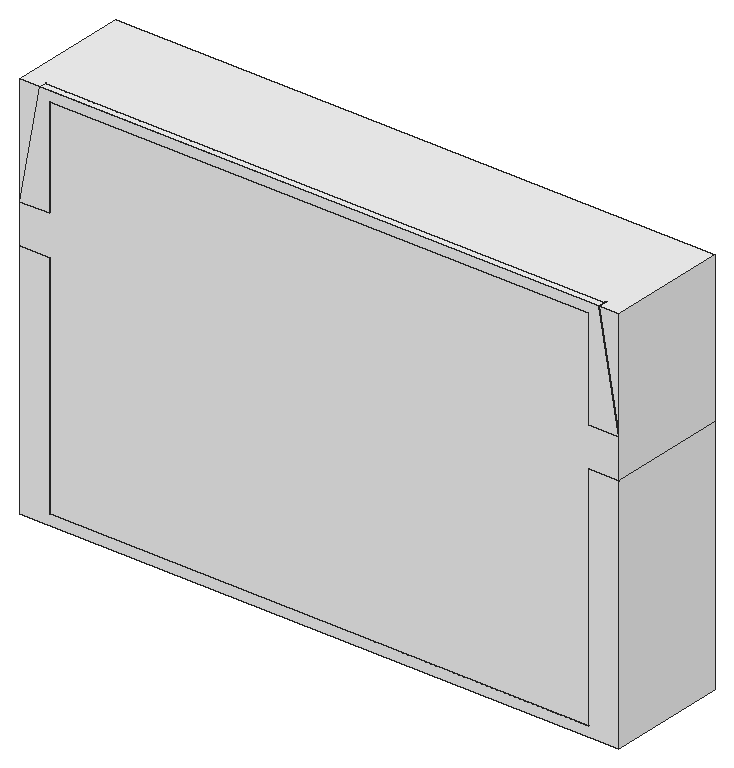
Revit family "Range_Hood-Kenmore-Convertible_Range_Hood-30in_160_ cu_ft", category Specialty Equipment, host Face, Revit 2019
Family settings
  Host = Face
  Round Connector Dimension = Use Diameter
  Part Type = Normal
  OmniClass Number = 23.40.20.34.11.21
  OmniClass Title = Fireplace and Stove Hoods
  Cut with Voids When Loaded = No
  Shared = No
  Room Calculation Point = No
Parameters (values of type "30" Convertible Range Hood")
  Width = 2' - 6"  # constant formula
  Warranty URL = "https://www.kenmore.com/warranty-information"
  Voltage Note = "120 V"  # constant formula
  Voltage = 120 V  # constant formula
  Version = "2015 – v1.0a"  # constant formula
  URL = "https://www.kenmore.com"
  Type Comments = "Item # 02251041000"  # constant formula
  Show Recommended Clearance [instance] = yes
  Product data url = "https://bimobject.com/kenmoreappliances/product/sears-51041"
  Product Page URL = "https://www.searscommercial.com/#/public/product/02251041000"
  Product Documentation Link = "http://c.shld.net/assets/docs/spin_prod_762602912.pdf"
  Power Factor = 1  # constant formula
  Number of Poles = 1
  Mounting Note = "For best results mount 24 to 30 inchees over cooking surface"  # constant formula
  Model = "Model # 51041"  # constant formula
  Material = ""
  Manufacturer Phone Number = "1-888-536-6673"  # constant formula
  Manufacturer = "Kenmore"  # constant formula
  Height = 0' - 6"  # constant formula
  Finish = Plastic-Kenmore-White-Glossy
  Electrical Connector = "Cord Kit - Standard 120 VAC Plug"  # constant formula
  Description = "Kenmore 51041 30in Convertible Range Hood"  # constant formula
  Depth = 1' - 7 1/2"  # constant formula
  Default Elevation = 4' - 0"
  Copyright = "© 2016 Sears Brands, LLC. All Rights Reserved. Kenmore® is a registered trademark of KCD IP, LLC"  # constant formula
  Clearances = Clearances-Kenmore
  Assembly Code = "E1090320"
  Apparent Load = 0 VA
  Additional Mat Finishes = Plastic-Kenmore-White-Glossy
Reference planes (in)
  plane 1 "Center (Front/Back)": y = 0
  plane 2: z = 0
  plane 3 "Center (Left/Right)": x = 0
  plane 4: x = -15
  plane 5: x = 15
  plane 6: y = -3
  plane 7: y = 3
  plane 8: z = 19.5
  plane 9: z = 12
  plane 10: y = 2
  plane 11: x = 7.5
  plane 12: z = 2
  plane 13: y = 1.5
  plane 14: y = -1.5
  plane 15: x = -13.5
  plane 16: x = 13.5
  plane 17: x = -7.5
Forms (in)
  Extrusion 1, solid, material "Plastic-Kenmore-White-Glossy" <- "Finish"
    sketch origin (0, 0, 0) x (1, 0, 0) y (0, 0, 1)
      loop
        line (-15, 12) -> (-15, 0) -> (15, 0) -> (15, 12) -> (-15, 12)
    from -3 to 3
  Extrusion 2, solid, material "Plastic-Kenmore-White-Glossy" <- "Finish"
    sketch origin (0, 0, 0) x (1, 0, 0) y (0, 0, 1)
      loop
        line (-14, 19.5) -> (-15, 14) -> (15, 14) -> (14, 19.5) -> (-14, 19.5)
    from -2 to 3
  Extrusion 3, void
    sketch origin (0, 0, 0) x (0, 1, 0) y (0, 0, 1)
      loop
        line (2, 14) -> (2, 19.75) -> (-3, 19.75) -> (-3, 19.5) -> (-2.65746, 19.5)
        arc (-2.65746, 19.5) -> (-2.51943, 19.46461) -> (-2.41546, 19.36716) r 0.28684
        line (-2.41546, 19.36716) -> (1, 14) -> (2, 14)
    from -15 to 15
  Extrusion 4, solid, material "Plastic-Kenmore-White-Glossy" <- "Finish"
    sketch origin (0, 0, 0) x (0, 1, 0) y (0, 0, 1)
      loop
        line (-3, 0) -> (3, 0) -> (3, 19.5) -> (-3, 19.5) -> (-3, 0)
    from -15 to 15
  Extrusion 5, void
    sketch origin (0, 0, 0) x (0, 1, 0) y (0, 0, 1)
      loop
        line (-2.83333, 0.5) -> (1, 12) -> (0.5, 12) -> (-2.68746, 19.00887) -> (-3, 19.00887) -> (-3, 0.5) -> (-2.83333, 0.5)
    from -13.5 to 13.5
  Extrusion 6, void
    sketch origin (0, 0, 0) x (0, 1, 0) y (0, 0, 1)
      loop
        line (2.5, 11.5) -> (-3, 11.5) -> (-3, 0.5) -> (2.5, 0.5) -> (2.5, 11.5)
    from 7.5 to 13.5
  Extrusion 7, void
    sketch origin (0, 0, 0) x (0, 1, 0) y (0, 0, 1)
      loop
        line (2.5, 0.5) -> (2.5, 11.5) -> (-3, 11.5) -> (-3, 0.5) -> (2.5, 0.5)
    from -13.5 to -7.5
Cuts and joins
  Extrusion 5, Extrusion 6, Extrusion 7 cuts Extrusion 1
  Extrusion 3, Extrusion 5 cuts Extrusion 2
  joined: Extrusion 1, Extrusion 2
Lines and regions (in)
  Masking region 1, detail levels medium+fine
    outline origin (0, 0, 0) x (1, 0, 0) y (0, 0, 1)
      loop
        line (14, 19.5) -> (-14, 19.5) -> (-15, 14) -> (-15, 0) -> (15, 0) -> (15, 14) -> (14, 19.5)
  model lines, detail levels fine
    curve 1: line (10, 2.5, 12) -> (14, 2.5, 12)
    curve 2: line (10, 1.5, 12) -> (10, 2.5, 12)
    curve 3: line (14, 1.5, 12) -> (10, 1.5, 12)
    curve 4: line (14, 2.5, 12) -> (14, 1.5, 12)
    curve 5: circle (7.5, 2, 0) r 0.5 normal (0, 0, 1)
    curve 6: circle (15, 1.5, 2) r 0.5 normal (1, 0, 0)
    curve 7: circle (15, -1.5, 2) r 0.5 normal (-1, 0, 0)
  symbolic lines, detail levels medium+fine
    curve 8: line (15, 0, 12) -> (-15, 0, 12)
  symbolic lines, detail levels fine
    curve 9: line (7.5, 0, 12) -> (7.5, 0, 0)
    curve 10: line (-7.5, 0, 12) -> (-7.5, 0, 0)
Dimensions and locks (in)
  equal spacing: plane 4, plane 3 "Center (Left/Right)", plane 5
  "Width": plane 4 to plane 5
  equal spacing: plane 6, plane 1 "Center (Front/Back)", plane 7
  "Height": plane 6 to plane 7
  "Depth": plane 8 to level
  plane 5 to Extrusion 2 sketch curve = 0' - 1"
  Extrusion 2 sketch curve to plane 4 = 0' - 1"
  locked: plane 7 to plane 10 at 1
  Extrusion 3 sketch curve to Extrusion 3 sketch curve to plane 1 "Center (Front/Back)" to Extrusion 3 sketch curve to Extrusion 3 sketch curve to Extrusion 3 sketch curve = 0' - 1" locked, 0' - 1" locked, 0' - 2.41546" locked, 0' - 0.24199" locked, 0' - 0.34254" locked
  Extrusion 3 sketch curve to Extrusion 3 sketch curve to cut or joined group of Extrusion 1, Extrusion 2, Extrusion 3, Extrusion 5, Extrusion 6, Extrusion 7 to plane 8 to Extrusion 3 sketch curve = 0' - 5.36716" locked, 0' - 0.13284" locked, 0' - 0" locked, 0' - 0 1/4" locked
  equal spacing: plane 14, plane 1 "Center (Front/Back)", plane 13
  locked: plane 8 to Extrusion 2 sketch curve at 5.5
  Extrusion 5 sketch curve to Extrusion 5 sketch curve to plane 1 "Center (Front/Back)" = 0' - 0 1/2" locked, 0' - 0 1/2" locked
  locked: plane 15 to plane 4 at 1.5
  locked: plane 5 to plane 16 at 1.5
  locked: plane 8 to Extrusion 5 sketch curve at 0.49113
  locked: Extrusion 5 sketch curve to host face at 0.5
  locked: plane 7 to Extrusion 6 sketch curve at 0.5
  locked: Extrusion 6 sketch curve to host face at 0.5
  locked: plane 17 to plane 4 at 7.5
  locked: plane 11 to plane 5 at 7.5
  locked: Extrusion 7 sketch curve to host face at 0.5
  locked: plane 7 to Extrusion 7 sketch curve at 0.5
  locked: plane 9 to Extrusion 7 sketch curve at 0.5
  locked: plane 9 to Extrusion 6 sketch curve at 0.5
  aligned and locked: plane 2 to host face
  aligned and locked: level to host face
  aligned and locked: Extrusion 1 sketch curve to plane 9
  aligned and locked: Extrusion 1 sketch curve to plane 4
  aligned and locked: level to Extrusion 1 sketch curve
  aligned and locked: Extrusion 1 sketch curve to plane 5
  aligned and locked: Extrusion 1 to plane 7
  aligned and locked: plane 6 to Extrusion 1
  aligned and locked: plane 5 to Extrusion 3
  aligned and locked: Extrusion 3 to plane 4
  aligned and locked: plane 8 to Extrusion 2
  aligned and locked: Extrusion 4 sketch curve to Extrusion 1  (x2)
  aligned and locked: plane 8 to Extrusion 4 sketch curve
  aligned and locked: Extrusion 4 sketch curve to plane 7
  aligned and locked: Extrusion 4 to plane 5
  aligned and locked: Extrusion 4 to plane 4
  aligned and locked: plane 10 to curve 5
  aligned and locked: plane 11 to curve 5
  aligned and locked: plane 12 to curve 6
  aligned and locked: plane 13 to curve 6
  aligned and locked: plane 12 to curve 7
  aligned and locked: Masking region 1 sketch curve to plane 5
  aligned and locked: Masking region 1 sketch curve to plane 8
  aligned and locked: plane 4 to Masking region 1 sketch curve
  aligned and locked: plane 2 to Masking region 1 sketch curve
  aligned and locked: Masking region 1 sketch curve to cut or joined group of Extrusion 1, Extrusion 2, Extrusion 3, Extrusion 5, Extrusion 6, Extrusion 7  (x2)
  aligned and locked: curve 8 to plane 9
  aligned and locked: plane 5 to curve 8
  aligned and locked: plane 4 to curve 8
  aligned and locked: Extrusion 2 sketch curve to plane 8
  aligned and locked: Extrusion 5 sketch curve to plane 6
  aligned and locked: Extrusion 5 sketch curve to plane 9
  aligned and locked: Extrusion 5 to plane 16
  aligned and locked: Extrusion 5 to plane 15
  aligned and locked: Extrusion 6 sketch curve to plane 6
  aligned and locked: Extrusion 6 to plane 16
  aligned and locked: plane 11 to Extrusion 6
  aligned and locked: plane 6 to Extrusion 7 sketch curve
  aligned and locked: plane 17 to Extrusion 7
  aligned and locked: Extrusion 7 to plane 15
Automatic sketch dimensions
  host sketch curve to host sketch curve = 8' - 0"  (x2)
  Extrusion 2 sketch curve to plane 4 = 0' - 0"
  Extrusion 2 sketch curve to plane 5 = 0' - 0"
  Extrusion 3 sketch curve to plane 8 = 0' - 0"
  Extrusion 1 to curve 3 = 0' - 1 1/2"
  curve 3 to Extrusion 1 = 0' - 5"
  curve 3 to Extrusion 1 = 0' - 1"
  Extrusion 1 to curve 2 = 0' - 0 1/2"
  curve 7 to Extrusion 4 = 0' - 1 1/2"
  Extrusion 5 sketch curve to plane 6 = 0' - 0.16667"
  Extrusion 5 sketch curve to Extrusion 5 sketch curve = 0' - 0.31254"
  curve 10 to plane 17 = 0' - 0"
  plane 11 to curve 9 = 0' - 0"
  curve 9 to level = 0' - 0"
  curve 10 to level = 0' - 0"
  radius of curve 5 = 0' - 0 1/2"
  radius of curve 6 = 0' - 0 1/2"
  radius of curve 7 = 0' - 0 1/2"
Connectors (in)
  electrical at (0, 0, 0), driven by "Power Factor", driven by "Apparent Load", driven by "Voltage", driven by "Number of Poles", driven by "Electrical Connector"
    settings: on host face, index 2, voltage 120 V, apparent load 0 VA, apparent load phase1 0 VA, apparent load phase2 0 VA, apparent load phase3 0 VA, power factor 1, load classification "Other", number of poles 1, system type 30, power factor state 1, is connector primary yes, connector utility no, sub classification motor no, connector description "Cord Kit - Standard 120 VAC Plug"
